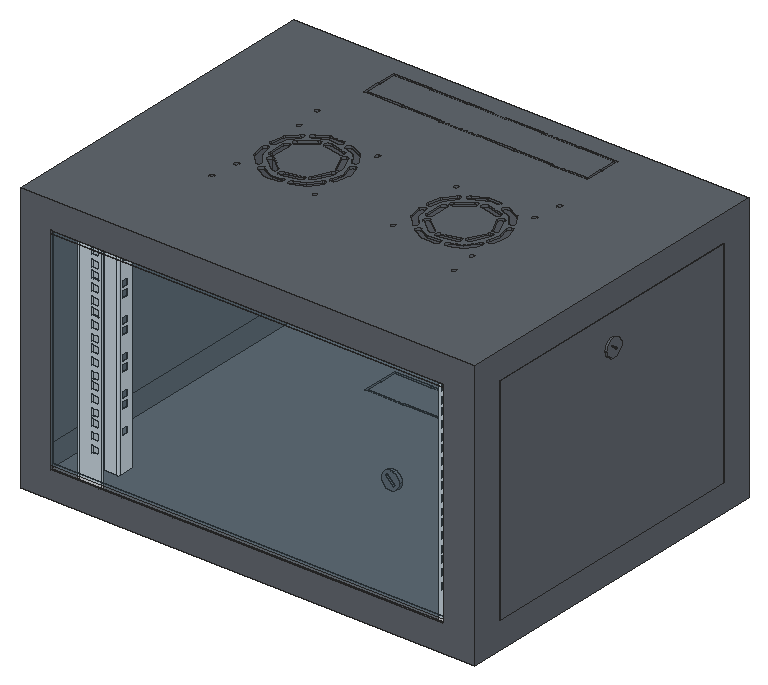
Revit family "Fix wallmount cabinets Legrand Linkeo with removable side panel", category Equipement spécialisé, Revit 2020 (continued)
Dimensions and locks
  locked: plane 1 "Centre (avant/arrière)" to plane 68 at 225
  aligned and locked: level to plane 2
  aligned and locked: Extrusion 1 sketch curve to level
  aligned and locked: plane 6 to Extrusion 1 sketch curve
  aligned and locked: plane 5 to Extrusion 1 sketch curve
  aligned and locked: Extrusion 1 sketch curve to plane 1 "Centre (avant/arrière)"
  aligned and locked: Extrusion 1 to plane 4
  aligned and locked: Extrusion 1 to plane 3 "Centre (gauche/droite)"
  aligned and locked: plane 13 to cut or joined group 1 (Extrusion 1, Extrusion 2, Extrusion 3, Extrusion 6, Extrusion 7, Extrusion 8, Extrusion 40, Extrusion 57)
  aligned and locked: Extrusion 3 sketch curve to plane 10
  aligned and locked: Extrusion 3 sketch curve to plane 7
  aligned and locked: plane 11 to Extrusion 3 sketch curve
  aligned and locked: plane 8 to Extrusion 3 sketch curve
  aligned and locked: Extrusion 1 to Extrusion 3
  aligned and locked: Extrusion 3 to plane 1 "Centre (avant/arrière)"
  aligned and locked: plane 7 to Extrusion 4 sketch curve
  aligned and locked: Extrusion 4 sketch curve to plane 8
  aligned and locked: plane 8 to Extrusion 5 sketch curve
  aligned and locked: Extrusion 5 sketch curve to plane 7
  aligned and locked: Extrusion 5 to plane 1 "Centre (avant/arrière)"
  aligned and locked: plane 5 to Extrusion 7
  aligned and locked: Extrusion 7 to Extrusion 2
  aligned and locked: Extrusion 8 to level
  aligned and locked: plane 26 to plane 9
  aligned and locked: plane 20 to plane 12
  aligned and locked: Extrusion 5 to Extrusion 9
  aligned and locked: plane 28 to Extrusion 10 sketch curve
  aligned and locked: Extrusion 10 sketch curve to plane 27
  aligned and locked: Extrusion 10 sketch curve to plane 31
  aligned and locked: Extrusion 10 sketch curve to plane 33
  aligned and locked: Extrusion 10 sketch curve to plane 35
  aligned and locked: Extrusion 10 sketch curve to plane 36
  aligned and locked: plane 34 to Extrusion 10 sketch curve
  aligned and locked: plane 32 to Extrusion 10 sketch curve
  aligned and locked: Extrusion 10 sketch curve to plane 30
  aligned and locked: plane 29 to Extrusion 10 sketch curve
  aligned and locked: cut or joined group 1 to Extrusion 10
  aligned and locked: Extrusion 10 to Extrusion 11
  aligned and locked: plane 29 to Extrusion 12
  aligned and locked: plane 47 to Extrusion 13 sketch curve
  aligned and locked: plane 50 to Extrusion 13 sketch curve
  aligned and locked: Extrusion 13 sketch curve to plane 52
  aligned and locked: Extrusion 13 sketch curve to plane 53
  aligned and locked: plane 51 to Extrusion 13 sketch curve
  aligned and locked: Extrusion 13 sketch curve to plane 49
  aligned and locked: Extrusion 13 sketch curve to plane 48
  aligned and locked: cut or joined group 1 to Extrusion 13
  aligned and locked: Extrusion 14 sketch curve to Extrusion 14 sketch curve  (x9)
  aligned and locked: plane 54 to cut or joined group of Extrusion 5, Extrusion 9, Extrusion 11, Extrusion 12, Extrusion 15, Extrusion 52
  aligned and locked: Extrusion 40 to plane 35
  aligned and locked: Extrusion 40 to plane 41
  aligned and locked: plane 42 to Extrusion 40
  aligned and locked: Extrusion 40 to plane 43
  aligned and locked: plane 44 to Extrusion 40
  aligned and locked: cut or joined group 2 (Extrusion 13, Extrusion 16, Extrusion 17, Extrusion 22, Extrusion 23, Extrusion 26, Extrusion 27, Extrusion 30, Extrusion 31, Extrusion 34, Extrusion 35, Extrusion 38, Extrusion 39, Extrusion 40, Extrusion 41, Extrusion 42, Extrusion 43, Extrusion 44, Extrusion 45, Extrusion 46, Extrusion 47, Extrusion 48, Extrusion 49, Extrusion 50, Extrusion 51) to Extrusion 41
  aligned and locked: cut or joined group 2 to Extrusion 40
  aligned and locked: Extrusion 52 sketch curve to Extrusion 52 sketch curve  (x9)
  aligned and locked: Extrusion 53 to plane 56
  aligned and locked: plane 56 to plane 20
  aligned and locked: plane 57 to Extrusion 4
  aligned and locked: plane 6 to plane 57
  aligned and locked: plane 59 to Extrusion 57 sketch curve
  aligned and locked: Extrusion 57 sketch curve to plane 27
  aligned and locked: Extrusion 57 sketch curve to plane 55
  aligned and locked: plane 58 to Extrusion 57 sketch curve
  aligned and locked: Extrusion 57 to plane 4
  aligned and locked: plane 59 to Extrusion 58 sketch curve
  aligned and locked: Extrusion 58 sketch curve to plane 61 "Panneaux gauche"
  aligned and locked: Extrusion 58 sketch curve to plane 63 "Panneaux haut"
  aligned and locked: plane 62 "Panneaux droit" to Extrusion 58 sketch curve
  aligned and locked: plane 62 "Panneaux droit" to Extrusion 59
  aligned and locked: Extrusion 59 to plane 63 "Panneaux haut"
  aligned and locked: Extrusion 59 to plane 61 "Panneaux gauche"
  aligned and locked: cut or joined group 1 to Extrusion 59
  aligned and locked: plane 64 to curve 3
  aligned and locked: plane 4 to Extrusion 64
  aligned and locked: plane 65 to curve 4
  aligned and locked: curve 6 to plane 66
  aligned and locked: curve 3 to plane 67
  aligned and locked: plane 68 to curve 10
  aligned and locked: plane 5 to Extrusion 6
  aligned and locked: Extrusion 6 to Extrusion 2
Automatic sketch dimensions
  Extrusion 11 sketch curve to Extrusion 11 sketch curve = 0.00 mm
  Extrusion 11 sketch curve to Extrusion 11 sketch curve = 9.50 mm  (x4)
  Extrusion 11 sketch curve to Extrusion 11 sketch curve = 22.25 mm
  Extrusion 12 sketch curve to Extrusion 12 sketch curve = 9.50 mm  (x2)
  Extrusion 16 sketch curve to Extrusion 16 sketch curve = 0.00 mm
  Extrusion 16 sketch curve to Extrusion 16 sketch curve = 9.50 mm  (x4)
  Extrusion 16 sketch curve to Extrusion 16 sketch curve = 22.25 mm
  Extrusion 17 sketch curve to Extrusion 17 sketch curve = 9.50 mm  (x2)
  Extrusion 18 sketch curve to Extrusion 18 sketch curve = 0.00 mm
  Extrusion 18 sketch curve to Extrusion 18 sketch curve = 9.50 mm  (x4)
  Extrusion 18 sketch curve to Extrusion 18 sketch curve = 22.25 mm
  Extrusion 19 sketch curve to Extrusion 19 sketch curve = 9.50 mm  (x2)
  Extrusion 20 sketch curve to Extrusion 20 sketch curve = 0.00 mm
  Extrusion 20 sketch curve to Extrusion 20 sketch curve = 9.50 mm  (x4)
  Extrusion 20 sketch curve to Extrusion 20 sketch curve = 22.25 mm
  Extrusion 21 sketch curve to Extrusion 21 sketch curve = 9.50 mm  (x2)
  Extrusion 22 sketch curve to Extrusion 22 sketch curve = 0.00 mm
  Extrusion 22 sketch curve to Extrusion 22 sketch curve = 9.50 mm  (x4)
  Extrusion 22 sketch curve to Extrusion 22 sketch curve = 22.25 mm
  Extrusion 23 sketch curve to Extrusion 23 sketch curve = 9.50 mm  (x2)
  Extrusion 24 sketch curve to Extrusion 24 sketch curve = 0.00 mm
  Extrusion 24 sketch curve to Extrusion 24 sketch curve = 9.50 mm  (x4)
  Extrusion 24 sketch curve to Extrusion 24 sketch curve = 22.25 mm
  Extrusion 25 sketch curve to Extrusion 25 sketch curve = 9.50 mm  (x2)
  Extrusion 26 sketch curve to Extrusion 26 sketch curve = 0.00 mm
  Extrusion 26 sketch curve to Extrusion 26 sketch curve = 9.50 mm  (x4)
  Extrusion 26 sketch curve to Extrusion 26 sketch curve = 22.25 mm
  Extrusion 27 sketch curve to Extrusion 27 sketch curve = 9.50 mm  (x2)
  Extrusion 28 sketch curve to Extrusion 28 sketch curve = 0.00 mm
  Extrusion 28 sketch curve to Extrusion 28 sketch curve = 9.50 mm  (x4)
  Extrusion 28 sketch curve to Extrusion 28 sketch curve = 22.25 mm
  Extrusion 29 sketch curve to Extrusion 29 sketch curve = 9.50 mm  (x2)
  Extrusion 30 sketch curve to Extrusion 30 sketch curve = 0.00 mm
  Extrusion 30 sketch curve to Extrusion 30 sketch curve = 9.50 mm  (x4)
  Extrusion 30 sketch curve to Extrusion 30 sketch curve = 22.25 mm
  Extrusion 31 sketch curve to Extrusion 31 sketch curve = 9.50 mm  (x2)
  Extrusion 32 sketch curve to Extrusion 32 sketch curve = 0.00 mm
  Extrusion 32 sketch curve to Extrusion 32 sketch curve = 9.50 mm  (x4)
  Extrusion 32 sketch curve to Extrusion 32 sketch curve = 22.25 mm
  Extrusion 33 sketch curve to Extrusion 33 sketch curve = 9.50 mm  (x2)
  Extrusion 34 sketch curve to Extrusion 34 sketch curve = 0.00 mm
  Extrusion 34 sketch curve to Extrusion 34 sketch curve = 9.50 mm  (x4)
  Extrusion 34 sketch curve to Extrusion 34 sketch curve = 22.25 mm
  Extrusion 35 sketch curve to Extrusion 35 sketch curve = 9.50 mm  (x2)
  Extrusion 36 sketch curve to Extrusion 36 sketch curve = 0.00 mm
  Extrusion 36 sketch curve to Extrusion 36 sketch curve = 9.50 mm  (x4)
  Extrusion 36 sketch curve to Extrusion 36 sketch curve = 22.25 mm
  Extrusion 37 sketch curve to Extrusion 37 sketch curve = 9.50 mm  (x2)
  Extrusion 38 sketch curve to Extrusion 38 sketch curve = 0.00 mm
  Extrusion 38 sketch curve to Extrusion 38 sketch curve = 9.50 mm  (x4)
  Extrusion 38 sketch curve to Extrusion 38 sketch curve = 22.25 mm
  Extrusion 39 sketch curve to Extrusion 39 sketch curve = 9.50 mm  (x2)
  Extrusion 40 sketch curve to Extrusion 40 sketch curve = 9.50 mm  (x2)
  Extrusion 41 sketch curve to Extrusion 41 sketch curve = 9.50 mm  (x2)
  Extrusion 42 sketch curve to Extrusion 42 sketch curve = 9.50 mm  (x2)
  Extrusion 43 sketch curve to Extrusion 43 sketch curve = 9.50 mm  (x2)
  Extrusion 44 sketch curve to Extrusion 44 sketch curve = 9.50 mm  (x2)
  Extrusion 45 sketch curve to Extrusion 45 sketch curve = 9.50 mm  (x2)
  Extrusion 46 sketch curve to Extrusion 46 sketch curve = 9.50 mm  (x2)
  Extrusion 47 sketch curve to Extrusion 47 sketch curve = 9.50 mm  (x2)
  Extrusion 48 sketch curve to Extrusion 48 sketch curve = 9.50 mm  (x2)
  Extrusion 49 sketch curve to Extrusion 49 sketch curve = 9.50 mm  (x2)
  Extrusion 50 sketch curve to Extrusion 50 sketch curve = 9.50 mm  (x2)
  Extrusion 51 sketch curve to Extrusion 51 sketch curve = 9.50 mm  (x2)
  Extrusion 54 sketch curve to Extrusion 54 sketch curve = 1.933 mm  (x2)
  Extrusion 54 sketch curve to Extrusion 54 sketch curve = 10.607 mm
  Extrusion 56 sketch curve to Extrusion 56 sketch curve = 1.933 mm  (x2)
  Extrusion 56 sketch curve to Extrusion 56 sketch curve = 10.607 mm
  Extrusion 52 sketch curve to Extrusion 52 sketch curve = 0.00 mm  (x16)
  Extrusion 52 sketch curve to Extrusion 52 sketch curve = 3.00 mm  (x6)
  Extrusion 52 sketch curve to Extrusion 52 sketch curve = 21.25 mm  (x3)
  Extrusion 52 sketch curve to Extrusion 52 sketch curve = 1.50 mm  (x12)
  Extrusion 52 sketch curve to Extrusion 52 sketch curve = 44.00 mm
  Extrusion 52 sketch curve to Extrusion 52 sketch curve = 46.25 mm  (x3)
  Extrusion 52 sketch curve to Extrusion 52 sketch curve = 48.50 mm  (x4)
  Extrusion 14 sketch curve to Extrusion 14 sketch curve = 0.00 mm  (x16)
  Extrusion 14 sketch curve to Extrusion 14 sketch curve = 3.00 mm  (x6)
  Extrusion 14 sketch curve to Extrusion 14 sketch curve = 21.25 mm  (x3)
  Extrusion 14 sketch curve to Extrusion 14 sketch curve = 1.50 mm  (x12)
  Extrusion 14 sketch curve to Extrusion 14 sketch curve = 44.00 mm
  Extrusion 14 sketch curve to Extrusion 14 sketch curve = 46.25 mm  (x3)
  Extrusion 14 sketch curve to Extrusion 14 sketch curve = 48.50 mm  (x4)
  curve 1 to plane 12 = 0.00 mm
  plane 24 to curve 1 = 12.00 mm
  curve 1 to plane 24 = 12.00 mm
  Extrusion 9 sketch curve to plane 23 = 0.00 mm  (x4)
  Extrusion 9 sketch curve to plane 25 = 0.00 mm  (x2)
  plane 24 to Extrusion 9 sketch curve = 0.00 mm  (x2)
  Extrusion 9 sketch curve to Extrusion 9 sketch curve = 4.251 mm
  plane 24 to Extrusion 9 sketch curve = 4.251 mm
  Extrusion 9 sketch curve to Extrusion 9 sketch curve = 5.069 mm  (x2)
  Extrusion 9 sketch curve to Extrusion 9 sketch curve = 6.179 mm  (x2)
  Extrusion 61 sketch curve to Extrusion 61 sketch curve = 1.933 mm  (x2)
  Extrusion 61 sketch curve to Extrusion 61 sketch curve = 10.607 mm
  curve 2 to curve 2 = 12.00 mm
  Extrusion 63 sketch curve to Extrusion 63 sketch curve = 1.933 mm  (x2)
  Extrusion 63 sketch curve to Extrusion 63 sketch curve = 10.607 mm
  curve 3 to curve 3 = 12.00 mm
  Extrusion 65 sketch curve to Extrusion 65 sketch curve = 1.933 mm  (x2)
  Extrusion 65 sketch curve to Extrusion 65 sketch curve = 10.607 mm
  curve 4 to curve 4 = 12.00 mm
  Extrusion 5 sketch curve to plane 54 = 0.00 mm
  plane 63 "Panneaux haut" to Extrusion 5 sketch curve = 3.50 mm
  Extrusion 1 to Extrusion 7 sketch curve = 24.00 mm  (x3)
  Extrusion 1 to Extrusion 7 sketch curve = 152.50 mm
  Extrusion 7 sketch curve to Extrusion 7 sketch curve = 0.00 mm  (x17)
  Extrusion 7 sketch curve to Extrusion 7 sketch curve = 3.00 mm  (x11)
  Extrusion 7 sketch curve to Extrusion 7 sketch curve = 46.25 mm  (x3)
  Extrusion 7 sketch curve to Extrusion 7 sketch curve = 1.50 mm  (x12)
  Extrusion 7 sketch curve to Extrusion 7 sketch curve = 48.50 mm  (x4)
  Extrusion 1 to Extrusion 7 sketch curve = 27.00 mm
  Extrusion 7 sketch curve to Extrusion 7 sketch curve = 21.25 mm  (x2)
  Extrusion 7 sketch curve to Extrusion 7 sketch curve = 44.00 mm  (x2)
  plane 58 to Extrusion 8 sketch curve = 16.00 mm  (x2)
  plane 25 to Extrusion 8 sketch curve = 50.00 mm
  Extrusion 8 sketch curve to Extrusion 8 sketch curve = 0.00 mm  (x17)
  Extrusion 8 sketch curve to Extrusion 8 sketch curve = 3.00 mm  (x8)
  plane 58 to Extrusion 8 sketch curve = 13.00 mm  (x4)
  Extrusion 8 sketch curve to Extrusion 8 sketch curve = 46.25 mm  (x3)
  Extrusion 8 sketch curve to Extrusion 8 sketch curve = 1.50 mm  (x10)
  Extrusion 8 sketch curve to Extrusion 8 sketch curve = 48.50 mm  (x3)
  Extrusion 8 sketch curve to plane 9 = 0.75 mm  (x2)
  plane 9 to Extrusion 8 sketch curve = 0.75 mm  (x2)
  Extrusion 8 sketch curve to plane 62 "Panneaux droit" = 4.75 mm
  Extrusion 8 sketch curve to plane 62 "Panneaux droit" = 6.25 mm
  Extrusion 8 sketch curve to plane 62 "Panneaux droit" = 27.50 mm  (x2)
  Extrusion 10 sketch curve to Extrusion 10 sketch curve = 0.00 mm  (x6)
  Extrusion 10 sketch curve to Extrusion 10 sketch curve = 1.50 mm  (x3)
  Extrusion 13 sketch curve to Extrusion 13 sketch curve = 0.00 mm  (x6)
  Extrusion 13 sketch curve to Extrusion 13 sketch curve = 1.50 mm  (x2)
  Extrusion 13 sketch curve to Extrusion 13 sketch curve = 30.00 mm
  Extrusion 13 sketch curve to Extrusion 13 sketch curve = 17.50 mm
  Extrusion 15 sketch curve to plane 22 = 0.00 mm  (x4)
  Extrusion 15 sketch curve to plane 25 = 0.00 mm  (x2)
  plane 24 to Extrusion 15 sketch curve = 0.00 mm  (x2)
  Extrusion 15 sketch curve to Extrusion 15 sketch curve = 4.251 mm
  plane 24 to Extrusion 15 sketch curve = 4.251 mm
  Extrusion 15 sketch curve to Extrusion 15 sketch curve = 5.069 mm  (x2)
  plane 42 to Extrusion 15 sketch curve = 3.852 mm  (x2)
  Extrusion 59 sketch curve to plane 61 "Panneaux gauche" = 0.00 mm
  plane 63 "Panneaux haut" to Extrusion 59 sketch curve = 0.00 mm
  plane 59 to Extrusion 59 sketch curve = 0.00 mm
  Extrusion 59 sketch curve to plane 62 "Panneaux droit" = 0.00 mm
  Extrusion 67 sketch curve to Extrusion 67 sketch curve = 1.933 mm  (x2)
  Extrusion 67 sketch curve to Extrusion 67 sketch curve = 10.607 mm
  curve 6 to curve 6 = 12.00 mm
  curve 7 to curve 7 = 12.00 mm
  curve 8 to curve 8 = 12.00 mm
  curve 9 to curve 9 = 12.00 mm
  curve 10 to curve 10 = 45.00 mm
  curve 11 to curve 11 = 45.00 mm
  Extrusion 6 sketch curve to Extrusion 6 sketch curve = 0.00 mm  (x120)
  Extrusion 6 sketch curve to Extrusion 6 sketch curve = 0.762 mm
  Extrusion 6 sketch curve to Extrusion 6 sketch curve = 0.023 mm
  Extrusion 6 sketch curve to Extrusion 6 sketch curve = 4.116 mm  (x2)
  Extrusion 6 sketch curve to Extrusion 6 sketch curve = 4.13 mm
  Extrusion 6 sketch curve to Extrusion 6 sketch curve = 5.00 mm
  Extrusion 6 sketch curve to Extrusion 6 sketch curve = 0.108 mm
  Extrusion 6 sketch curve to Extrusion 6 sketch curve = 4.413 mm
  Extrusion 6 sketch curve to Extrusion 6 sketch curve = 4.114 mm
  Extrusion 6 sketch curve to Extrusion 6 sketch curve = 4.40 mm  (x2)
  Extrusion 6 sketch curve to Extrusion 6 sketch curve = 4.094 mm  (x2)
  Extrusion 6 sketch curve to Extrusion 6 sketch curve = 2.16 mm
  Extrusion 6 sketch curve to Extrusion 6 sketch curve = 3.397 mm  (x3)
  Extrusion 6 sketch curve to Extrusion 6 sketch curve = 1.819 mm
  Extrusion 6 sketch curve to Extrusion 6 sketch curve = 6.141 mm  (x2)
  Extrusion 6 sketch curve to Extrusion 6 sketch curve = 6.001 mm
  Extrusion 6 sketch curve to Extrusion 6 sketch curve = 3.835 mm
  Extrusion 6 sketch curve to Extrusion 6 sketch curve = 9.917 mm
  Extrusion 6 sketch curve to Extrusion 6 sketch curve = 3.82 mm  (x3)
  Extrusion 6 sketch curve to Extrusion 6 sketch curve = 1.732 mm
  Extrusion 6 sketch curve to Extrusion 6 sketch curve = 9.679 mm
  Extrusion 6 sketch curve to Extrusion 6 sketch curve = 1.665 mm  (x3)
  Extrusion 6 sketch curve to Extrusion 6 sketch curve = 2.774 mm  (x2)
  Extrusion 6 sketch curve to Extrusion 6 sketch curve = 2.712 mm  (x2)
  Extrusion 6 sketch curve to Extrusion 6 sketch curve = 10.829 mm
  Extrusion 6 sketch curve to Extrusion 6 sketch curve = 1.693 mm
  Extrusion 6 sketch curve to Extrusion 6 sketch curve = 3.832 mm
  Extrusion 6 sketch curve to Extrusion 6 sketch curve = 9.752 mm  (x2)
  Extrusion 6 sketch curve to Extrusion 6 sketch curve = 9.79 mm
  Extrusion 6 sketch curve to Extrusion 6 sketch curve = 0.927 mm  (x2)
  Extrusion 6 sketch curve to Extrusion 6 sketch curve = 0.956 mm
  Extrusion 6 sketch curve to Extrusion 6 sketch curve = 2.537 mm  (x2)
  Extrusion 6 sketch curve to Extrusion 6 sketch curve = 2.679 mm
  Extrusion 6 sketch curve to Extrusion 6 sketch curve = 1.73 mm  (x2)
  Extrusion 6 sketch curve to Extrusion 6 sketch curve = 1.661 mm
  Extrusion 6 sketch curve to Extrusion 6 sketch curve = 11.228 mm  (x2)
  Extrusion 6 sketch curve to Extrusion 6 sketch curve = 12.747 mm
  Extrusion 6 sketch curve to Extrusion 6 sketch curve = 0.068 mm
  Extrusion 6 sketch curve to Extrusion 6 sketch curve = 0.071 mm
  Extrusion 6 sketch curve to Extrusion 6 sketch curve = 0.193 mm  (x2)
  Extrusion 6 sketch curve to Extrusion 6 sketch curve = 6.551 mm  (x2)
  Extrusion 6 sketch curve to Extrusion 6 sketch curve = 0.934 mm  (x2)
  Extrusion 6 sketch curve to Extrusion 6 sketch curve = 7.601 mm
  Extrusion 6 sketch curve to Extrusion 6 sketch curve = 0.929 mm  (x2)
  Extrusion 6 sketch curve to Extrusion 6 sketch curve = 9.29 mm
  Extrusion 6 sketch curve to Extrusion 6 sketch curve = 8.798 mm  (x2)
  Extrusion 6 sketch curve to Extrusion 6 sketch curve = 0.739 mm  (x2)
  Extrusion 6 sketch curve to Extrusion 6 sketch curve = 7.749 mm  (x2)
  Extrusion 6 sketch curve to Extrusion 6 sketch curve = 0.201 mm  (x2)
  Extrusion 6 sketch curve to Extrusion 6 sketch curve = 7.182 mm
  Extrusion 6 sketch curve to Extrusion 6 sketch curve = 2.017 mm
  Extrusion 6 sketch curve to Extrusion 6 sketch curve = 2.659 mm  (x3)
  Extrusion 6 sketch curve to Extrusion 6 sketch curve = 11.278 mm
  Extrusion 6 sketch curve to Extrusion 6 sketch curve = 2.638 mm  (x6)
  Extrusion 6 sketch curve to Extrusion 6 sketch curve = 7.453 mm
  Extrusion 6 sketch curve to Extrusion 6 sketch curve = 7.509 mm  (x2)
  Extrusion 6 sketch curve to Extrusion 6 sketch curve = 1.957 mm  (x2)
  Extrusion 6 sketch curve to Extrusion 6 sketch curve = 2.02 mm  (x3)
  Extrusion 6 sketch curve to Extrusion 6 sketch curve = 2.023 mm
  Extrusion 6 sketch curve to Extrusion 6 sketch curve = 7.608 mm  (x2)
  Extrusion 6 sketch curve to Extrusion 6 sketch curve = 7.784 mm
  Extrusion 6 sketch curve to Extrusion 6 sketch curve = 0.664 mm  (x2)
  Extrusion 6 sketch curve to Extrusion 6 sketch curve = 1.373 mm
  Extrusion 6 sketch curve to Extrusion 6 sketch curve = 1.477 mm
  Extrusion 6 sketch curve to Extrusion 6 sketch curve = 2.658 mm  (x2)
  Extrusion 6 sketch curve to Extrusion 6 sketch curve = 2.635 mm  (x2)
  Extrusion 6 sketch curve to Extrusion 6 sketch curve = 3.199 mm
  Extrusion 6 sketch curve to Extrusion 6 sketch curve = 3.244 mm
  Extrusion 6 sketch curve to Extrusion 6 sketch curve = 4.25 mm  (x8)
  Extrusion 6 sketch curve to Extrusion 6 sketch curve = 5.15 mm  (x2)
  Extrusion 6 sketch curve to Extrusion 6 sketch curve = 3.196 mm  (x3)
  Extrusion 6 sketch curve to Extrusion 6 sketch curve = 3.248 mm
  Extrusion 6 sketch curve to Extrusion 6 sketch curve = 2.099 mm
  Extrusion 6 sketch curve to Extrusion 6 sketch curve = 8.755 mm  (x2)
  Extrusion 6 sketch curve to Extrusion 6 sketch curve = 3.947 mm  (x2)
  Extrusion 6 sketch curve to Extrusion 6 sketch curve = 3.981 mm  (x2)
  Extrusion 6 sketch curve to Extrusion 6 sketch curve = 9.129 mm
  Extrusion 6 sketch curve to Extrusion 6 sketch curve = 3.194 mm
  Extrusion 6 sketch curve to Extrusion 6 sketch curve = 9.259 mm
  Extrusion 6 sketch curve to Extrusion 6 sketch curve = 0.974 mm  (x2)
  Extrusion 6 sketch curve to Extrusion 6 sketch curve = 4.183 mm  (x3)
  Extrusion 6 sketch curve to Extrusion 6 sketch curve = 12.801 mm
  Extrusion 6 sketch curve to Extrusion 6 sketch curve = 12.446 mm
  Extrusion 6 sketch curve to Extrusion 6 sketch curve = 98.699 mm
  Extrusion 6 sketch curve to Extrusion 6 sketch curve = 0.02 mm
  Extrusion 6 sketch curve to Extrusion 6 sketch curve = 4.096 mm
  Extrusion 6 sketch curve to Extrusion 6 sketch curve = 4.128 mm
  Extrusion 6 sketch curve to Extrusion 6 sketch curve = 0.11 mm
  Extrusion 6 sketch curve to Extrusion 6 sketch curve = 4.218 mm
  Extrusion 6 sketch curve to Extrusion 6 sketch curve = 4.415 mm
  Extrusion 6 sketch curve to Extrusion 6 sketch curve = 4.115 mm  (x2)
  Extrusion 6 sketch curve to Extrusion 6 sketch curve = 2.162 mm
  Extrusion 6 sketch curve to Extrusion 6 sketch curve = 3.395 mm
  Extrusion 6 sketch curve to Extrusion 6 sketch curve = 5.935 mm
  Extrusion 6 sketch curve to Extrusion 6 sketch curve = 3.442 mm  (x5)
  Extrusion 6 sketch curve to Extrusion 6 sketch curve = 9.844 mm
  Extrusion 6 sketch curve to Extrusion 6 sketch curve = 3.834 mm
  Extrusion 6 sketch curve to Extrusion 6 sketch curve = 6.233 mm
  Extrusion 6 sketch curve to Extrusion 6 sketch curve = 3.838 mm
  Extrusion 6 sketch curve to Extrusion 6 sketch curve = 11.649 mm
  Extrusion 6 sketch curve to Extrusion 6 sketch curve = 3.445 mm
  Extrusion 6 sketch curve to Extrusion 6 sketch curve = 1.663 mm
  Extrusion 6 sketch curve to Extrusion 6 sketch curve = 6.879 mm
  Extrusion 6 sketch curve to Extrusion 6 sketch curve = 1.596 mm
  Extrusion 6 sketch curve to Extrusion 6 sketch curve = 3.825 mm
  Extrusion 6 sketch curve to Extrusion 6 sketch curve = 9.789 mm
  Extrusion 6 sketch curve to Extrusion 6 sketch curve = 0.957 mm
  Extrusion 6 sketch curve to Extrusion 6 sketch curve = 2.681 mm
  Extrusion 6 sketch curve to Extrusion 6 sketch curve = 1.662 mm
  Extrusion 6 sketch curve to Extrusion 6 sketch curve = 12.746 mm
  Extrusion 6 sketch curve to Extrusion 6 sketch curve = 0.119 mm
  Extrusion 6 sketch curve to Extrusion 6 sketch curve = 0.121 mm
  Extrusion 6 sketch curve to Extrusion 6 sketch curve = 7.502 mm
  Extrusion 6 sketch curve to Extrusion 6 sketch curve = 7.853 mm
  Extrusion 6 sketch curve to Extrusion 6 sketch curve = 1.018 mm
  Extrusion 6 sketch curve to Extrusion 6 sketch curve = 3.425 mm
  Extrusion 6 sketch curve to Extrusion 6 sketch curve = 10.093 mm
  Extrusion 6 sketch curve to Extrusion 6 sketch curve = 2.018 mm
  Extrusion 6 sketch curve to Extrusion 6 sketch curve = 7.782 mm
  Extrusion 6 sketch curve to Extrusion 6 sketch curve = 2.656 mm
  Extrusion 6 sketch curve to Extrusion 6 sketch curve = 1.916 mm
  Extrusion 6 sketch curve to Extrusion 6 sketch curve = 2.086 mm
  Extrusion 6 sketch curve to Extrusion 6 sketch curve = 3.246 mm  (x3)
  Extrusion 6 sketch curve to Extrusion 6 sketch curve = 8.844 mm
  Extrusion 6 sketch curve to Extrusion 6 sketch curve = 4.946 mm
  Extrusion 6 sketch curve to Extrusion 6 sketch curve = 9.339 mm
  Extrusion 6 sketch curve to Extrusion 6 sketch curve = 4.182 mm  (x2)
  Extrusion 6 sketch curve to Extrusion 6 sketch curve = 3.193 mm
  Extrusion 6 sketch curve to Extrusion 6 sketch curve = 4.17 mm  (x2)
  Extrusion 6 sketch curve to Extrusion 6 sketch curve = 12.448 mm
  Extrusion 6 sketch curve to Extrusion 6 sketch curve = 16.00 mm
  Extrusion 6 sketch curve to Extrusion 6 sketch curve = 4.998 mm  (x2)
  Extrusion 6 sketch curve to Extrusion 6 sketch curve = 32.934 mm  (x2)
  Extrusion 6 sketch curve to Extrusion 6 sketch curve = 0.039 mm  (x3)
  Extrusion 6 sketch curve to Extrusion 6 sketch curve = 0.04 mm
  Extrusion 6 sketch curve to Extrusion 6 sketch curve = 2.498 mm
  Extrusion 6 sketch curve to Extrusion 6 sketch curve = 35.498 mm
  Extrusion 6 sketch curve to Extrusion 6 sketch curve = 2.525 mm
  Extrusion 6 sketch curve to Extrusion 6 sketch curve = 2.566 mm
  Extrusion 6 sketch curve to Extrusion 6 sketch curve = 35.50 mm  (x2)
  Extrusion 6 sketch curve to Extrusion 6 sketch curve = 3.741 mm  (x2)
  Extrusion 6 sketch curve to Extrusion 6 sketch curve = 3.74 mm
  Extrusion 6 sketch curve to Extrusion 6 sketch curve = 4.248 mm
  Extrusion 6 sketch curve to Extrusion 6 sketch curve = 0.951 mm
  Extrusion 6 sketch curve to Extrusion 6 sketch curve = 2.405 mm
  Extrusion 6 sketch curve to Extrusion 6 sketch curve = 1.097 mm
  Extrusion 6 sketch curve to Extrusion 6 sketch curve = 7.843 mm
  Extrusion 6 sketch curve to Extrusion 6 sketch curve = 4.281 mm
  Extrusion 6 sketch curve to Extrusion 6 sketch curve = 2.551 mm
  Extrusion 6 sketch curve to Extrusion 6 sketch curve = 2.552 mm
  Extrusion 6 sketch curve to Extrusion 6 sketch curve = 1.356 mm
  Extrusion 6 sketch curve to Extrusion 6 sketch curve = 3.912 mm  (x2)
  Extrusion 6 sketch curve to Extrusion 6 sketch curve = 3.738 mm
  Extrusion 6 sketch curve to Extrusion 6 sketch curve = 3.56 mm
  Extrusion 6 sketch curve to Extrusion 6 sketch curve = 3.911 mm
  Extrusion 6 sketch curve to Extrusion 6 sketch curve = 0.382 mm
  Extrusion 6 sketch curve to Extrusion 6 sketch curve = 7.868 mm
  Extrusion 6 sketch curve to Extrusion 6 sketch curve = 11.634 mm
  Extrusion 6 sketch curve to Extrusion 6 sketch curve = 5.35 mm
  Extrusion 6 sketch curve to Extrusion 6 sketch curve = 5.352 mm
  Extrusion 6 sketch curve to Extrusion 6 sketch curve = 3.464 mm  (x2)
  Extrusion 6 sketch curve to Extrusion 6 sketch curve = 6.063 mm
  Extrusion 6 sketch curve to Extrusion 6 sketch curve = 6.064 mm
  Extrusion 6 sketch curve to Extrusion 6 sketch curve = 3.332 mm  (x2)
  Extrusion 6 sketch curve to Extrusion 6 sketch curve = 3.713 mm
  Extrusion 6 sketch curve to Extrusion 6 sketch curve = 2.743 mm  (x2)
  Extrusion 6 sketch curve to Extrusion 6 sketch curve = 2.741 mm
  Extrusion 6 sketch curve to Extrusion 6 sketch curve = 4.141 mm  (x2)
  Extrusion 6 sketch curve to Extrusion 6 sketch curve = 10.631 mm
  Extrusion 6 sketch curve to Extrusion 6 sketch curve = 13.187 mm
  Extrusion 6 sketch curve to Extrusion 6 sketch curve = 2.556 mm
  Extrusion 6 sketch curve to Extrusion 6 sketch curve = 2.554 mm
  Extrusion 6 sketch curve to Extrusion 6 sketch curve = 0.959 mm
  Extrusion 6 sketch curve to Extrusion 6 sketch curve = 11.318 mm
  Extrusion 6 sketch curve to Extrusion 6 sketch curve = 7.433 mm
  Extrusion 6 sketch curve to Extrusion 6 sketch curve = 10.179 mm
  Extrusion 6 sketch curve to Extrusion 6 sketch curve = 1.837 mm
  Extrusion 6 sketch curve to Extrusion 6 sketch curve = 1.674 mm
  Extrusion 6 sketch curve to Extrusion 6 sketch curve = 0.749 mm
  Extrusion 6 sketch curve to Extrusion 6 sketch curve = 2.423 mm
  Extrusion 6 sketch curve to Extrusion 6 sketch curve = 3.335 mm  (x2)
  Extrusion 6 sketch curve to Extrusion 6 sketch curve = 1.873 mm  (x2)
  Extrusion 6 sketch curve to Extrusion 6 sketch curve = 10.88 mm
  Extrusion 6 sketch curve to Extrusion 6 sketch curve = 10.883 mm
  Extrusion 6 sketch curve to Extrusion 6 sketch curve = 1.142 mm
  Extrusion 6 sketch curve to Extrusion 6 sketch curve = 1.14 mm
  Extrusion 6 sketch curve to Extrusion 6 sketch curve = 9.533 mm
  Extrusion 6 sketch curve to Extrusion 6 sketch curve = 9.534 mm
  Extrusion 6 sketch curve to Extrusion 6 sketch curve = 0.011 mm
  Extrusion 6 sketch curve to Extrusion 6 sketch curve = 0.01 mm
  Extrusion 6 sketch curve to Extrusion 6 sketch curve = 8.315 mm
  Extrusion 6 sketch curve to Extrusion 6 sketch curve = 8.317 mm
  Extrusion 6 sketch curve to Extrusion 6 sketch curve = 4.075 mm  (x2)
  Extrusion 6 sketch curve to Extrusion 6 sketch curve = 4.082 mm
  Extrusion 6 sketch curve to Extrusion 6 sketch curve = 0.758 mm
  Extrusion 6 sketch curve to Extrusion 6 sketch curve = 0.75 mm
  Extrusion 6 sketch curve to Extrusion 6 sketch curve = 1.832 mm
  Extrusion 6 sketch curve to Extrusion 6 sketch curve = 1.833 mm
  Extrusion 6 sketch curve to Extrusion 6 sketch curve = 6.438 mm
  Extrusion 6 sketch curve to Extrusion 6 sketch curve = 6.449 mm
  Extrusion 6 sketch curve to Extrusion 6 sketch curve = 1.144 mm
  Extrusion 6 sketch curve to Extrusion 6 sketch curve = 1.135 mm
  Extrusion 6 sketch curve to Extrusion 6 sketch curve = 9.734 mm
  Extrusion 6 sketch curve to Extrusion 6 sketch curve = 1.864 mm
  Extrusion 6 sketch curve to Extrusion 6 sketch curve = 9.773 mm
  Extrusion 6 sketch curve to Extrusion 6 sketch curve = 11.668 mm
  Extrusion 6 sketch curve to Extrusion 6 sketch curve = 13.243 mm
  Extrusion 6 sketch curve to Extrusion 6 sketch curve = 0.82 mm
  Extrusion 6 sketch curve to Extrusion 6 sketch curve = 4.72 mm
  Extrusion 6 sketch curve to Extrusion 6 sketch curve = 5.555 mm
  Extrusion 6 sketch curve to Extrusion 6 sketch curve = 0.015 mm  (x2)
  Extrusion 6 sketch curve to Extrusion 6 sketch curve = 9.069 mm
  Extrusion 6 sketch curve to Extrusion 6 sketch curve = 1.059 mm
  Extrusion 6 sketch curve to Extrusion 6 sketch curve = 10.127 mm
  Extrusion 6 sketch curve to Extrusion 6 sketch curve = 1.063 mm
  Extrusion 6 sketch curve to Extrusion 6 sketch curve = 9.504 mm
  Extrusion 6 sketch curve to Extrusion 6 sketch curve = 9.519 mm
  Extrusion 6 sketch curve to Extrusion 6 sketch curve = 0.888 mm  (x2)
  Extrusion 6 sketch curve to Extrusion 6 sketch curve = 1.945 mm  (x2)
  Extrusion 6 sketch curve to Extrusion 6 sketch curve = 0.83 mm
  Extrusion 6 sketch curve to Extrusion 6 sketch curve = 0.835 mm
  Extrusion 6 sketch curve to Extrusion 6 sketch curve = 9.576 mm
  Extrusion 6 sketch curve to Extrusion 6 sketch curve = 18.645 mm
  Extrusion 6 sketch curve to Extrusion 6 sketch curve = 3.316 mm  (x3)
  Extrusion 6 sketch curve to Extrusion 6 sketch curve = 3.318 mm
  Extrusion 6 sketch curve to Extrusion 6 sketch curve = 9.348 mm
  Extrusion 6 sketch curve to Extrusion 6 sketch curve = 1.863 mm
  Extrusion 6 sketch curve to Extrusion 6 sketch curve = 1.862 mm
  Extrusion 6 sketch curve to Extrusion 6 sketch curve = 2.493 mm  (x3)
  Extrusion 6 sketch curve to Extrusion 6 sketch curve = 12.899 mm
  Extrusion 6 sketch curve to Extrusion 6 sketch curve = 7.351 mm
  Extrusion 6 sketch curve to Extrusion 6 sketch curve = 10.962 mm
  Extrusion 6 sketch curve to Extrusion 6 sketch curve = 0.294 mm
  Extrusion 6 sketch curve to Extrusion 6 sketch curve = 9.196 mm
  Extrusion 6 sketch curve to Extrusion 6 sketch curve = 9.197 mm
  Extrusion 6 sketch curve to Extrusion 6 sketch curve = 1.621 mm
  Extrusion 6 sketch curve to Extrusion 6 sketch curve = 1.622 mm
  Extrusion 6 sketch curve to Extrusion 6 sketch curve = 2.798 mm
  Extrusion 6 sketch curve to Extrusion 6 sketch curve = 10.148 mm
  Extrusion 6 sketch curve to Extrusion 6 sketch curve = 9.556 mm
  Extrusion 6 sketch curve to Extrusion 6 sketch curve = 4.148 mm  (x2)
  Extrusion 6 sketch curve to Extrusion 6 sketch curve = 4.147 mm  (x2)
  Extrusion 6 sketch curve to Extrusion 6 sketch curve = 0.521 mm  (x2)
  Extrusion 6 sketch curve to Extrusion 6 sketch curve = 3.415 mm  (x2)
  Extrusion 6 sketch curve to Extrusion 6 sketch curve = 2.489 mm
  Extrusion 6 sketch curve to Extrusion 6 sketch curve = 3.773 mm  (x2)
  Extrusion 6 sketch curve to Extrusion 6 sketch curve = 6.194 mm  (x2)
  Extrusion 6 sketch curve to Extrusion 6 sketch curve = 3.579 mm  (x2)
  Extrusion 6 sketch curve to Extrusion 6 sketch curve = 7.574 mm
  Extrusion 6 sketch curve to Extrusion 6 sketch curve = 7.575 mm
  Extrusion 6 sketch curve to Extrusion 6 sketch curve = 3.882 mm  (x2)
  Extrusion 6 sketch curve to Extrusion 6 sketch curve = 4.246 mm  (x2)
  Extrusion 6 sketch curve to Extrusion 6 sketch curve = 4.298 mm  (x2)
  Extrusion 6 sketch curve to Extrusion 6 sketch curve = 17.173 mm
  Extrusion 6 sketch curve to Extrusion 6 sketch curve = 8.927 mm
  Extrusion 6 sketch curve to Extrusion 6 sketch curve = 11.415 mm
  Extrusion 6 sketch curve to Extrusion 6 sketch curve = 14.373 mm
  Extrusion 6 sketch curve to Extrusion 6 sketch curve = 4.245 mm  (x2)
  Extrusion 6 sketch curve to Extrusion 6 sketch curve = 35.501 mm
  Extrusion 6 sketch curve to Extrusion 6 sketch curve = 4.095 mm  (x2)
  Extrusion 6 sketch curve to Extrusion 6 sketch curve = 3.823 mm  (x4)
  Extrusion 6 sketch curve to Extrusion 6 sketch curve = 1.708 mm
  Extrusion 6 sketch curve to Extrusion 6 sketch curve = 3.836 mm  (x4)
  Extrusion 6 sketch curve to Extrusion 6 sketch curve = 1.734 mm  (x3)
  Extrusion 6 sketch curve to Extrusion 6 sketch curve = 0.931 mm  (x2)
  Extrusion 6 sketch curve to Extrusion 6 sketch curve = 0.96 mm  (x6)
  Extrusion 6 sketch curve to Extrusion 6 sketch curve = 0.197 mm  (x2)
  Extrusion 6 sketch curve to Extrusion 6 sketch curve = 2.138 mm
  Extrusion 6 sketch curve to Extrusion 6 sketch curve = 2.153 mm  (x2)
  Extrusion 6 sketch curve to Extrusion 6 sketch curve = 1.952 mm  (x2)
  Extrusion 6 sketch curve to Extrusion 6 sketch curve = 2.661 mm  (x2)
  Extrusion 6 sketch curve to Extrusion 6 sketch curve = 4.169 mm  (x2)
  Extrusion 6 sketch curve to Extrusion 6 sketch curve = 0.937 mm  (x2)
  Extrusion 6 sketch curve to Extrusion 6 sketch curve = 1.711 mm
  Extrusion 6 sketch curve to Extrusion 6 sketch curve = 2.14 mm
  Extrusion 6 sketch curve to Extrusion 6 sketch curve = 4.14 mm  (x2)
  Extrusion 6 sketch curve to Extrusion 6 sketch curve = 1.831 mm
  Extrusion 6 sketch curve to Extrusion 6 sketch curve = 1.857 mm
  Extrusion 6 sketch curve to Extrusion 6 sketch curve = 0.828 mm
  Extrusion 6 sketch curve to Extrusion 6 sketch curve = 2.801 mm
  Extrusion 68 sketch curve to Extrusion 68 sketch curve = 0.00 mm  (x120)
  Extrusion 68 sketch curve to Extrusion 68 sketch curve = 0.762 mm
  Extrusion 68 sketch curve to Extrusion 68 sketch curve = 0.023 mm
  Extrusion 68 sketch curve to Extrusion 68 sketch curve = 4.116 mm  (x2)
  Extrusion 68 sketch curve to Extrusion 68 sketch curve = 4.13 mm
  Extrusion 68 sketch curve to Extrusion 68 sketch curve = 5.00 mm
  Extrusion 68 sketch curve to Extrusion 68 sketch curve = 0.108 mm
  Extrusion 68 sketch curve to Extrusion 68 sketch curve = 4.413 mm
  Extrusion 68 sketch curve to Extrusion 68 sketch curve = 4.114 mm
  Extrusion 68 sketch curve to Extrusion 68 sketch curve = 4.40 mm  (x2)
  Extrusion 68 sketch curve to Extrusion 68 sketch curve = 4.094 mm  (x2)
  Extrusion 68 sketch curve to Extrusion 68 sketch curve = 2.16 mm
  Extrusion 68 sketch curve to Extrusion 68 sketch curve = 3.397 mm  (x3)
  Extrusion 68 sketch curve to Extrusion 68 sketch curve = 1.819 mm
  Extrusion 68 sketch curve to Extrusion 68 sketch curve = 6.141 mm  (x2)
  Extrusion 68 sketch curve to Extrusion 68 sketch curve = 6.001 mm
  Extrusion 68 sketch curve to Extrusion 68 sketch curve = 3.835 mm
  Extrusion 68 sketch curve to Extrusion 68 sketch curve = 9.917 mm
  Extrusion 68 sketch curve to Extrusion 68 sketch curve = 3.82 mm  (x3)
  Extrusion 68 sketch curve to Extrusion 68 sketch curve = 1.732 mm
  Extrusion 68 sketch curve to Extrusion 68 sketch curve = 9.679 mm
  Extrusion 68 sketch curve to Extrusion 68 sketch curve = 1.665 mm  (x3)
  Extrusion 68 sketch curve to Extrusion 68 sketch curve = 2.774 mm  (x2)
  Extrusion 68 sketch curve to Extrusion 68 sketch curve = 2.712 mm  (x2)
  Extrusion 68 sketch curve to Extrusion 68 sketch curve = 10.829 mm
  Extrusion 68 sketch curve to Extrusion 68 sketch curve = 1.693 mm
  Extrusion 68 sketch curve to Extrusion 68 sketch curve = 3.832 mm
  Extrusion 68 sketch curve to Extrusion 68 sketch curve = 9.752 mm  (x2)
  Extrusion 68 sketch curve to Extrusion 68 sketch curve = 9.79 mm
  Extrusion 68 sketch curve to Extrusion 68 sketch curve = 0.927 mm  (x2)
  Extrusion 68 sketch curve to Extrusion 68 sketch curve = 0.956 mm
  Extrusion 68 sketch curve to Extrusion 68 sketch curve = 2.537 mm  (x2)
  Extrusion 68 sketch curve to Extrusion 68 sketch curve = 2.679 mm
  Extrusion 68 sketch curve to Extrusion 68 sketch curve = 1.73 mm  (x2)
  Extrusion 68 sketch curve to Extrusion 68 sketch curve = 1.661 mm
  Extrusion 68 sketch curve to Extrusion 68 sketch curve = 11.228 mm  (x2)
  Extrusion 68 sketch curve to Extrusion 68 sketch curve = 12.747 mm
  Extrusion 68 sketch curve to Extrusion 68 sketch curve = 0.068 mm
  Extrusion 68 sketch curve to Extrusion 68 sketch curve = 0.071 mm
  Extrusion 68 sketch curve to Extrusion 68 sketch curve = 0.193 mm  (x2)
  Extrusion 68 sketch curve to Extrusion 68 sketch curve = 6.551 mm  (x2)
  Extrusion 68 sketch curve to Extrusion 68 sketch curve = 0.934 mm  (x2)
  Extrusion 68 sketch curve to Extrusion 68 sketch curve = 7.601 mm
  Extrusion 68 sketch curve to Extrusion 68 sketch curve = 0.929 mm  (x2)
  Extrusion 68 sketch curve to Extrusion 68 sketch curve = 9.29 mm
  Extrusion 68 sketch curve to Extrusion 68 sketch curve = 8.798 mm  (x2)
  Extrusion 68 sketch curve to Extrusion 68 sketch curve = 0.739 mm  (x2)
  Extrusion 68 sketch curve to Extrusion 68 sketch curve = 7.749 mm  (x2)
  Extrusion 68 sketch curve to Extrusion 68 sketch curve = 0.201 mm  (x2)
  Extrusion 68 sketch curve to Extrusion 68 sketch curve = 7.182 mm
  Extrusion 68 sketch curve to Extrusion 68 sketch curve = 2.017 mm
  Extrusion 68 sketch curve to Extrusion 68 sketch curve = 2.659 mm  (x3)
  Extrusion 68 sketch curve to Extrusion 68 sketch curve = 11.278 mm
  Extrusion 68 sketch curve to Extrusion 68 sketch curve = 2.638 mm  (x6)
  Extrusion 68 sketch curve to Extrusion 68 sketch curve = 7.453 mm
  Extrusion 68 sketch curve to Extrusion 68 sketch curve = 7.509 mm  (x2)
  Extrusion 68 sketch curve to Extrusion 68 sketch curve = 1.957 mm  (x2)
  Extrusion 68 sketch curve to Extrusion 68 sketch curve = 2.02 mm  (x3)
  Extrusion 68 sketch curve to Extrusion 68 sketch curve = 2.023 mm
  Extrusion 68 sketch curve to Extrusion 68 sketch curve = 7.608 mm  (x2)
  Extrusion 68 sketch curve to Extrusion 68 sketch curve = 7.784 mm
  Extrusion 68 sketch curve to Extrusion 68 sketch curve = 0.664 mm  (x2)
  Extrusion 68 sketch curve to Extrusion 68 sketch curve = 1.373 mm
  Extrusion 68 sketch curve to Extrusion 68 sketch curve = 1.477 mm
  Extrusion 68 sketch curve to Extrusion 68 sketch curve = 2.658 mm  (x2)
  Extrusion 68 sketch curve to Extrusion 68 sketch curve = 2.635 mm  (x2)
  Extrusion 68 sketch curve to Extrusion 68 sketch curve = 3.199 mm
  Extrusion 68 sketch curve to Extrusion 68 sketch curve = 3.244 mm
  Extrusion 68 sketch curve to Extrusion 68 sketch curve = 4.25 mm  (x8)
  Extrusion 68 sketch curve to Extrusion 68 sketch curve = 5.15 mm  (x2)
  Extrusion 68 sketch curve to Extrusion 68 sketch curve = 3.196 mm  (x3)
  Extrusion 68 sketch curve to Extrusion 68 sketch curve = 3.248 mm
  Extrusion 68 sketch curve to Extrusion 68 sketch curve = 2.099 mm
  Extrusion 68 sketch curve to Extrusion 68 sketch curve = 8.755 mm  (x2)
  Extrusion 68 sketch curve to Extrusion 68 sketch curve = 3.947 mm  (x2)
  Extrusion 68 sketch curve to Extrusion 68 sketch curve = 3.981 mm  (x2)
  Extrusion 68 sketch curve to Extrusion 68 sketch curve = 9.129 mm
  Extrusion 68 sketch curve to Extrusion 68 sketch curve = 3.194 mm
  Extrusion 68 sketch curve to Extrusion 68 sketch curve = 9.259 mm
  Extrusion 68 sketch curve to Extrusion 68 sketch curve = 0.974 mm  (x2)
  Extrusion 68 sketch curve to Extrusion 68 sketch curve = 4.183 mm  (x3)
  Extrusion 68 sketch curve to Extrusion 68 sketch curve = 12.801 mm
  Extrusion 68 sketch curve to Extrusion 68 sketch curve = 12.446 mm
  Extrusion 68 sketch curve to Extrusion 68 sketch curve = 98.699 mm
  Extrusion 68 sketch curve to Extrusion 68 sketch curve = 0.02 mm
  Extrusion 68 sketch curve to Extrusion 68 sketch curve = 4.096 mm
  Extrusion 68 sketch curve to Extrusion 68 sketch curve = 4.128 mm
  Extrusion 68 sketch curve to Extrusion 68 sketch curve = 0.11 mm
  Extrusion 68 sketch curve to Extrusion 68 sketch curve = 4.218 mm
  Extrusion 68 sketch curve to Extrusion 68 sketch curve = 4.415 mm
  Extrusion 68 sketch curve to Extrusion 68 sketch curve = 4.115 mm  (x2)
  Extrusion 68 sketch curve to Extrusion 68 sketch curve = 2.162 mm
  Extrusion 68 sketch curve to Extrusion 68 sketch curve = 3.395 mm
  Extrusion 68 sketch curve to Extrusion 68 sketch curve = 5.935 mm
  Extrusion 68 sketch curve to Extrusion 68 sketch curve = 3.442 mm  (x5)
  Extrusion 68 sketch curve to Extrusion 68 sketch curve = 9.844 mm
  Extrusion 68 sketch curve to Extrusion 68 sketch curve = 3.834 mm
  Extrusion 68 sketch curve to Extrusion 68 sketch curve = 6.233 mm
  Extrusion 68 sketch curve to Extrusion 68 sketch curve = 3.838 mm
  Extrusion 68 sketch curve to Extrusion 68 sketch curve = 11.649 mm
  Extrusion 68 sketch curve to Extrusion 68 sketch curve = 3.445 mm
  Extrusion 68 sketch curve to Extrusion 68 sketch curve = 1.663 mm
  Extrusion 68 sketch curve to Extrusion 68 sketch curve = 6.879 mm
  Extrusion 68 sketch curve to Extrusion 68 sketch curve = 1.596 mm
  Extrusion 68 sketch curve to Extrusion 68 sketch curve = 3.825 mm
  Extrusion 68 sketch curve to Extrusion 68 sketch curve = 9.789 mm
  Extrusion 68 sketch curve to Extrusion 68 sketch curve = 0.957 mm
  Extrusion 68 sketch curve to Extrusion 68 sketch curve = 2.681 mm
  Extrusion 68 sketch curve to Extrusion 68 sketch curve = 1.662 mm
  Extrusion 68 sketch curve to Extrusion 68 sketch curve = 12.746 mm
  Extrusion 68 sketch curve to Extrusion 68 sketch curve = 0.119 mm
  Extrusion 68 sketch curve to Extrusion 68 sketch curve = 0.121 mm
  Extrusion 68 sketch curve to Extrusion 68 sketch curve = 7.502 mm
  Extrusion 68 sketch curve to Extrusion 68 sketch curve = 7.853 mm
  Extrusion 68 sketch curve to Extrusion 68 sketch curve = 1.018 mm
  Extrusion 68 sketch curve to Extrusion 68 sketch curve = 3.425 mm
  Extrusion 68 sketch curve to Extrusion 68 sketch curve = 10.093 mm
  Extrusion 68 sketch curve to Extrusion 68 sketch curve = 2.018 mm
  Extrusion 68 sketch curve to Extrusion 68 sketch curve = 7.782 mm
  Extrusion 68 sketch curve to Extrusion 68 sketch curve = 2.656 mm
  Extrusion 68 sketch curve to Extrusion 68 sketch curve = 1.916 mm
  Extrusion 68 sketch curve to Extrusion 68 sketch curve = 2.086 mm
  Extrusion 68 sketch curve to Extrusion 68 sketch curve = 3.246 mm  (x3)
  Extrusion 68 sketch curve to Extrusion 68 sketch curve = 8.844 mm
  Extrusion 68 sketch curve to Extrusion 68 sketch curve = 4.946 mm
  Extrusion 68 sketch curve to Extrusion 68 sketch curve = 9.339 mm
  Extrusion 68 sketch curve to Extrusion 68 sketch curve = 4.182 mm  (x2)
  Extrusion 68 sketch curve to Extrusion 68 sketch curve = 3.193 mm
  Extrusion 68 sketch curve to Extrusion 68 sketch curve = 4.17 mm  (x2)
  Extrusion 68 sketch curve to Extrusion 68 sketch curve = 12.448 mm
  Extrusion 68 sketch curve to Extrusion 68 sketch curve = 16.00 mm
  Extrusion 68 sketch curve to Extrusion 68 sketch curve = 4.998 mm  (x2)
  Extrusion 68 sketch curve to Extrusion 68 sketch curve = 32.934 mm  (x2)
  Extrusion 68 sketch curve to Extrusion 68 sketch curve = 0.039 mm  (x3)
  Extrusion 68 sketch curve to Extrusion 68 sketch curve = 0.04 mm
  Extrusion 68 sketch curve to Extrusion 68 sketch curve = 2.498 mm
  Extrusion 68 sketch curve to Extrusion 68 sketch curve = 35.498 mm
  Extrusion 68 sketch curve to Extrusion 68 sketch curve = 2.525 mm
  Extrusion 68 sketch curve to Extrusion 68 sketch curve = 2.566 mm
  Extrusion 68 sketch curve to Extrusion 68 sketch curve = 35.50 mm  (x2)
  Extrusion 68 sketch curve to Extrusion 68 sketch curve = 3.741 mm  (x2)
  Extrusion 68 sketch curve to Extrusion 68 sketch curve = 3.74 mm
  Extrusion 68 sketch curve to Extrusion 68 sketch curve = 4.248 mm
  Extrusion 68 sketch curve to Extrusion 68 sketch curve = 0.951 mm
  Extrusion 68 sketch curve to Extrusion 68 sketch curve = 2.405 mm
  Extrusion 68 sketch curve to Extrusion 68 sketch curve = 1.097 mm
  Extrusion 68 sketch curve to Extrusion 68 sketch curve = 7.843 mm
  Extrusion 68 sketch curve to Extrusion 68 sketch curve = 4.281 mm
  Extrusion 68 sketch curve to Extrusion 68 sketch curve = 2.551 mm
  Extrusion 68 sketch curve to Extrusion 68 sketch curve = 2.552 mm
  Extrusion 68 sketch curve to Extrusion 68 sketch curve = 1.356 mm
  Extrusion 68 sketch curve to Extrusion 68 sketch curve = 3.912 mm  (x2)
  Extrusion 68 sketch curve to Extrusion 68 sketch curve = 3.738 mm
  Extrusion 68 sketch curve to Extrusion 68 sketch curve = 3.56 mm
  Extrusion 68 sketch curve to Extrusion 68 sketch curve = 3.911 mm
  Extrusion 68 sketch curve to Extrusion 68 sketch curve = 0.382 mm
  Extrusion 68 sketch curve to Extrusion 68 sketch curve = 7.868 mm
  Extrusion 68 sketch curve to Extrusion 68 sketch curve = 11.634 mm
  Extrusion 68 sketch curve to Extrusion 68 sketch curve = 5.35 mm
  Extrusion 68 sketch curve to Extrusion 68 sketch curve = 5.352 mm
  Extrusion 68 sketch curve to Extrusion 68 sketch curve = 3.464 mm  (x2)
  Extrusion 68 sketch curve to Extrusion 68 sketch curve = 6.063 mm
  Extrusion 68 sketch curve to Extrusion 68 sketch curve = 6.064 mm
  Extrusion 68 sketch curve to Extrusion 68 sketch curve = 3.332 mm  (x2)
  Extrusion 68 sketch curve to Extrusion 68 sketch curve = 3.713 mm
  Extrusion 68 sketch curve to Extrusion 68 sketch curve = 2.743 mm  (x2)
  Extrusion 68 sketch curve to Extrusion 68 sketch curve = 2.741 mm
  Extrusion 68 sketch curve to Extrusion 68 sketch curve = 4.141 mm  (x2)
  Extrusion 68 sketch curve to Extrusion 68 sketch curve = 10.631 mm
  Extrusion 68 sketch curve to Extrusion 68 sketch curve = 13.187 mm
  Extrusion 68 sketch curve to Extrusion 68 sketch curve = 2.556 mm
  Extrusion 68 sketch curve to Extrusion 68 sketch curve = 2.554 mm
  Extrusion 68 sketch curve to Extrusion 68 sketch curve = 0.959 mm
  Extrusion 68 sketch curve to Extrusion 68 sketch curve = 11.318 mm
  Extrusion 68 sketch curve to Extrusion 68 sketch curve = 7.433 mm
  Extrusion 68 sketch curve to Extrusion 68 sketch curve = 10.179 mm
  Extrusion 68 sketch curve to Extrusion 68 sketch curve = 1.837 mm
  Extrusion 68 sketch curve to Extrusion 68 sketch curve = 1.674 mm
  Extrusion 68 sketch curve to Extrusion 68 sketch curve = 0.749 mm
  Extrusion 68 sketch curve to Extrusion 68 sketch curve = 2.423 mm
  Extrusion 68 sketch curve to Extrusion 68 sketch curve = 3.335 mm  (x2)
  Extrusion 68 sketch curve to Extrusion 68 sketch curve = 1.873 mm  (x2)
  Extrusion 68 sketch curve to Extrusion 68 sketch curve = 10.88 mm
  Extrusion 68 sketch curve to Extrusion 68 sketch curve = 10.883 mm
  Extrusion 68 sketch curve to Extrusion 68 sketch curve = 1.142 mm
  Extrusion 68 sketch curve to Extrusion 68 sketch curve = 1.14 mm
  Extrusion 68 sketch curve to Extrusion 68 sketch curve = 9.533 mm
  Extrusion 68 sketch curve to Extrusion 68 sketch curve = 9.534 mm
  Extrusion 68 sketch curve to Extrusion 68 sketch curve = 0.011 mm
  Extrusion 68 sketch curve to Extrusion 68 sketch curve = 0.01 mm
  Extrusion 68 sketch curve to Extrusion 68 sketch curve = 8.315 mm
  Extrusion 68 sketch curve to Extrusion 68 sketch curve = 8.317 mm
  Extrusion 68 sketch curve to Extrusion 68 sketch curve = 4.075 mm  (x2)
  Extrusion 68 sketch curve to Extrusion 68 sketch curve = 4.082 mm
  Extrusion 68 sketch curve to Extrusion 68 sketch curve = 0.758 mm
  Extrusion 68 sketch curve to Extrusion 68 sketch curve = 0.75 mm
  Extrusion 68 sketch curve to Extrusion 68 sketch curve = 1.832 mm
  Extrusion 68 sketch curve to Extrusion 68 sketch curve = 1.833 mm
  Extrusion 68 sketch curve to Extrusion 68 sketch curve = 6.438 mm
  Extrusion 68 sketch curve to Extrusion 68 sketch curve = 6.449 mm
  Extrusion 68 sketch curve to Extrusion 68 sketch curve = 1.144 mm
  Extrusion 68 sketch curve to Extrusion 68 sketch curve = 1.135 mm
  Extrusion 68 sketch curve to Extrusion 68 sketch curve = 9.734 mm
  Extrusion 68 sketch curve to Extrusion 68 sketch curve = 1.864 mm
  Extrusion 68 sketch curve to Extrusion 68 sketch curve = 9.773 mm
  Extrusion 68 sketch curve to Extrusion 68 sketch curve = 11.668 mm
  Extrusion 68 sketch curve to Extrusion 68 sketch curve = 13.243 mm
  Extrusion 68 sketch curve to Extrusion 68 sketch curve = 0.82 mm
  Extrusion 68 sketch curve to Extrusion 68 sketch curve = 4.72 mm
  Extrusion 68 sketch curve to Extrusion 68 sketch curve = 5.555 mm
  Extrusion 68 sketch curve to Extrusion 68 sketch curve = 0.015 mm  (x2)
  Extrusion 68 sketch curve to Extrusion 68 sketch curve = 9.069 mm
  Extrusion 68 sketch curve to Extrusion 68 sketch curve = 1.059 mm
  Extrusion 68 sketch curve to Extrusion 68 sketch curve = 10.127 mm
  Extrusion 68 sketch curve to Extrusion 68 sketch curve = 1.063 mm
  Extrusion 68 sketch curve to Extrusion 68 sketch curve = 9.504 mm
  Extrusion 68 sketch curve to Extrusion 68 sketch curve = 9.519 mm
  Extrusion 68 sketch curve to Extrusion 68 sketch curve = 0.888 mm  (x2)
  Extrusion 68 sketch curve to Extrusion 68 sketch curve = 1.945 mm  (x2)
  Extrusion 68 sketch curve to Extrusion 68 sketch curve = 0.83 mm
  Extrusion 68 sketch curve to Extrusion 68 sketch curve = 0.835 mm
  Extrusion 68 sketch curve to Extrusion 68 sketch curve = 9.576 mm
  Extrusion 68 sketch curve to Extrusion 68 sketch curve = 18.645 mm
  Extrusion 68 sketch curve to Extrusion 68 sketch curve = 3.316 mm  (x3)
  Extrusion 68 sketch curve to Extrusion 68 sketch curve = 3.318 mm
  Extrusion 68 sketch curve to Extrusion 68 sketch curve = 9.348 mm
  Extrusion 68 sketch curve to Extrusion 68 sketch curve = 1.863 mm
  Extrusion 68 sketch curve to Extrusion 68 sketch curve = 1.862 mm
  Extrusion 68 sketch curve to Extrusion 68 sketch curve = 2.493 mm  (x3)
  Extrusion 68 sketch curve to Extrusion 68 sketch curve = 12.899 mm
  Extrusion 68 sketch curve to Extrusion 68 sketch curve = 7.351 mm
  Extrusion 68 sketch curve to Extrusion 68 sketch curve = 10.962 mm
  Extrusion 68 sketch curve to Extrusion 68 sketch curve = 0.294 mm
  Extrusion 68 sketch curve to Extrusion 68 sketch curve = 9.196 mm
  Extrusion 68 sketch curve to Extrusion 68 sketch curve = 9.197 mm
  Extrusion 68 sketch curve to Extrusion 68 sketch curve = 1.621 mm
  Extrusion 68 sketch curve to Extrusion 68 sketch curve = 1.622 mm
  Extrusion 68 sketch curve to Extrusion 68 sketch curve = 2.798 mm
  Extrusion 68 sketch curve to Extrusion 68 sketch curve = 10.148 mm
  Extrusion 68 sketch curve to Extrusion 68 sketch curve = 9.556 mm
  Extrusion 68 sketch curve to Extrusion 68 sketch curve = 4.148 mm  (x2)
  Extrusion 68 sketch curve to Extrusion 68 sketch curve = 4.147 mm  (x2)
  Extrusion 68 sketch curve to Extrusion 68 sketch curve = 0.521 mm  (x2)
  Extrusion 68 sketch curve to Extrusion 68 sketch curve = 3.415 mm  (x2)
  Extrusion 68 sketch curve to Extrusion 68 sketch curve = 2.489 mm
  Extrusion 68 sketch curve to Extrusion 68 sketch curve = 3.773 mm  (x2)
  Extrusion 68 sketch curve to Extrusion 68 sketch curve = 6.194 mm  (x2)
  Extrusion 68 sketch curve to Extrusion 68 sketch curve = 3.579 mm  (x2)
  Extrusion 68 sketch curve to Extrusion 68 sketch curve = 7.574 mm
  Extrusion 68 sketch curve to Extrusion 68 sketch curve = 7.575 mm
  Extrusion 68 sketch curve to Extrusion 68 sketch curve = 3.882 mm  (x2)
  Extrusion 68 sketch curve to Extrusion 68 sketch curve = 4.246 mm  (x2)
  Extrusion 68 sketch curve to Extrusion 68 sketch curve = 4.298 mm  (x2)
  Extrusion 68 sketch curve to Extrusion 68 sketch curve = 17.173 mm
  Extrusion 68 sketch curve to Extrusion 68 sketch curve = 8.927 mm
  Extrusion 68 sketch curve to Extrusion 68 sketch curve = 11.415 mm
  Extrusion 68 sketch curve to Extrusion 68 sketch curve = 14.373 mm
  Extrusion 68 sketch curve to Extrusion 68 sketch curve = 4.245 mm  (x2)
  Extrusion 68 sketch curve to Extrusion 68 sketch curve = 35.501 mm
  Extrusion 68 sketch curve to Extrusion 68 sketch curve = 4.095 mm  (x2)
  Extrusion 68 sketch curve to Extrusion 68 sketch curve = 3.823 mm  (x4)
  Extrusion 68 sketch curve to Extrusion 68 sketch curve = 1.708 mm
  Extrusion 68 sketch curve to Extrusion 68 sketch curve = 3.836 mm  (x4)
  Extrusion 68 sketch curve to Extrusion 68 sketch curve = 1.734 mm  (x3)
  Extrusion 68 sketch curve to Extrusion 68 sketch curve = 0.931 mm  (x2)
  Extrusion 68 sketch curve to Extrusion 68 sketch curve = 0.96 mm  (x6)
  Extrusion 68 sketch curve to Extrusion 68 sketch curve = 0.197 mm  (x2)
  Extrusion 68 sketch curve to Extrusion 68 sketch curve = 2.138 mm
  Extrusion 68 sketch curve to Extrusion 68 sketch curve = 2.153 mm  (x2)
  Extrusion 68 sketch curve to Extrusion 68 sketch curve = 1.952 mm  (x2)
  Extrusion 68 sketch curve to Extrusion 68 sketch curve = 2.661 mm  (x2)
  Extrusion 68 sketch curve to Extrusion 68 sketch curve = 4.169 mm  (x2)
  Extrusion 68 sketch curve to Extrusion 68 sketch curve = 0.937 mm  (x2)
  Extrusion 68 sketch curve to Extrusion 68 sketch curve = 1.711 mm
  Extrusion 68 sketch curve to Extrusion 68 sketch curve = 2.14 mm
  Extrusion 68 sketch curve to Extrusion 68 sketch curve = 4.14 mm  (x2)
  Extrusion 68 sketch curve to Extrusion 68 sketch curve = 1.831 mm
  Extrusion 68 sketch curve to Extrusion 68 sketch curve = 1.857 mm
  Extrusion 68 sketch curve to Extrusion 68 sketch curve = 0.828 mm
  Extrusion 68 sketch curve to Extrusion 68 sketch curve = 2.801 mm
  radius of Extrusion 53 sketch curve = 12.00 mm
  radius of Extrusion 55 sketch curve = 12.00 mm
  radius of Extrusion 60 sketch curve = 12.00 mm
  radius of Extrusion 62 sketch curve = 12.00 mm
  radius of Extrusion 64 sketch curve = 12.00 mm
  radius of Extrusion 66 sketch curve = 12.00 mm
  radius of Extrusion 6 sketch curve = 2.75 mm  (x12)
  radius of Extrusion 68 sketch curve = 2.75 mm  (x12)
